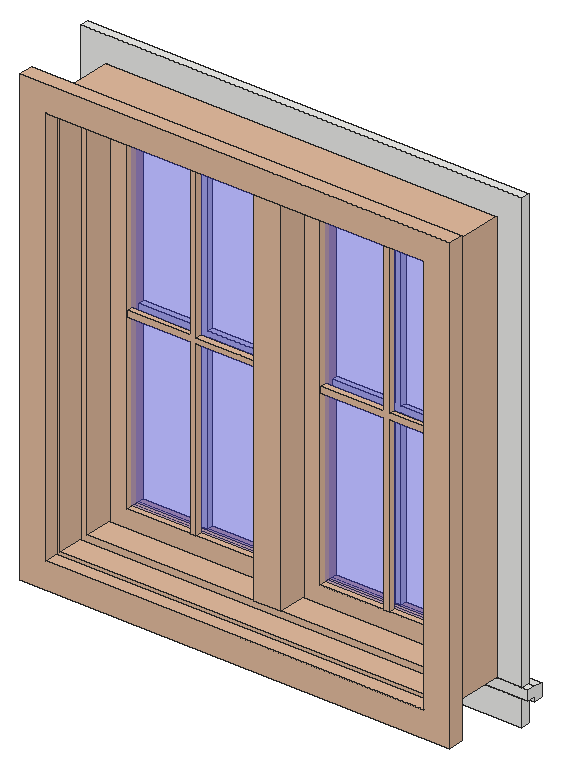
Revit family "f6413e6575b74bb48dc037bbd85fb68f", category Windows, host Wall, Revit 2021
Family settings
  Host = Wall
  OmniClass Number = 23.30.20.17.21.14
  OmniClass Title = Casement Windows
  Always vertical = Yes
  Cut with Voids When Loaded = No
  Shared = No
  Room Calculation Point = No
Parameters (values of type "34" x 36"")
  Frame Extension [instance] = if(Exterior Trim Visibility, Window Inset + 0' 0 1/4", 0' 0 1/4")  # 0' - 0 1/4"
  Window Inset [instance] = 0' - 0"
  Wall Thickness [instance] = 0' - 6"
  Interior Wall Closure [instance] = 0' - 2 1/4"
  Interior Trim Material = Wood - Stained
  Half Width = Width / 2  # 1' - 5"
  Visual Light Transmittance = 0.81
  Thermal Resistance (R) = 1.8146 (h·ft²·°F)/BTU
  Solar Heat Gain Coefficient = 0.76
  Rough Width = Width + 0' 0 1/2"  # 2' - 10 1/2"
  Rough Height = Height + 0' 0 1/2"  # 3' - 0 1/2"
  Muntin Visibility = yes
  Muntin Pattern = Muntin Pattern_2x2 : Muntin Pattern_2x2
  Interior Trim Visibility [instance] = yes
  Interior Trim = Trim-Window-Interior-Flat : Picture Frame
  Height = 3' - 0"
  Interior Frame Material = Wood - Stained
  Heat Transfer Coefficient (U) = 0.5511 BTU/(h·ft²·°F)
  Glass Panel Material = Glass
  Fire Rating = "0.5h"
  Exterior Wall Closure [instance] = 0' - 1 1/4"
  Exterior Trim Visibility [instance] = yes
  Exterior Trim Material = Clad - White
  Exterior Trim = Trim-Window-Exterior-Flat : with Sill
  Exterior Frame Material = Clad - White
  Extension Jamb Visibility [instance] = and(Interior Trim Visibility, Wall Thickness - Window Inset > 0' 3 3/4")  # yes
  Extension Jamb [instance] = if(Wall Thickness - Window Inset > 0' 3 3/4", Wall Thickness - Window Inset - 0' 3 3/4", 0' 1")  # 0' - 2 1/4"
  Default Sill Height = 3' - 0"
  Wall Closure = By host
  Width = 2' - 10"
  Assembly Code = "B2020100"
  Analytic Construction = "Double glazing - domestic"
Reference planes (in)
  plane 1 "Center (Front/Back)": y = 0
  plane 2: z = 0
  plane 3 "Center (Left/Right)": x = 0
  plane 4 "Left": x = -17
  plane 5 "Right": x = 17
  plane 6 "Sill": z = 36
  plane 7 "Top": z = 72
  plane 8 "Inset Face": y = 3
  plane 9 "Wall Closure": y = -0.75
  plane 10 "Sash Face": y = 3.5
  plane 11 "Exterior": y = 3
  plane 12: x = 16.5
  plane 13: x = -16.5
  plane 14: z = 71.5
  plane 15: z = 36.5
  plane 16: x = 14.25
  plane 17: x = -14.25
  plane 18: z = 69.25
  plane 19: z = 38.75
  plane 20: x = 0.375
  plane 21: x = -0.375
  plane 22: y = 2.25
  plane 23 "Glass": y = 2.625
  plane 24 "Middle": z = 54
  plane 25: y = 3.75
  plane 26: y = 3.75
  plane 27 "Interior": y = -3
  plane 28 "Jamb": y = -0.75
  plane 29: x = -1.1875
  plane 30: x = 1.1875
  plane 31: x = 2.625
  plane 32: x = -2.625
  plane 33: y = -0.75
  plane 34: y = 1.75
  plane 35: y = 3.75
Forms (in)
  Sweep 1, solid, material "Wood - Stained" <- "Interior Frame Material"
    path origin (0, 3.5, 0) x (-1, 0, 0) y (0, 0, 1)
      loop
        line (-17, 36) -> (17, 36) -> (17, 72) -> (-17, 72) -> (-17, 36)
    profile origin (17, 3.5, 54) x (1, 0, 0) y (0, 1, 0)
      loop
        line (0, 0.25) -> (-0.5, 0.25) -> (-0.5, -1.75) -> (-1.25, -1.75) -> (-1.25, -4.25) -> (0, -4.25) -> (0, 0.25)
  Extrusion 2, solid, material "Wood - Stained" <- "Interior Frame Material", visible <- "Extension Jamb Visibility"
    sketch origin (0, 0, 0) x (1, 0, 0) y (0, 0, 1)
      loop
        line (17, 72) -> (-17, 72) -> (-17, 36) -> (17, 36) -> (17, 72)
      loop
        line (16.25, 36.75) -> (16.25, 71.25) -> (-16.25, 71.25) -> (-16.25, 36.75) -> (16.25, 36.75)
    from 0.75 to 3
  Sweep 3, solid, material "Wood - Stained" <- "Interior Frame Material"
    path origin (0, 3.5, 0) x (-1, 0, 0) y (0, 0, 1)
      loop
        line (-16.5, 71.5) -> (-16.5, 36.5) -> (-0.375, 36.5) -> (-0.375, 71.5) -> (-16.5, 71.5)
    profile origin (16.5, 3.5, 54) x (0, 1, 0) y (-1, 0, 0)
      loop
        line (0, 0) -> (0, 2.25) -> (-1.75, 2.25) -> (-1.75, 0) -> (0, 0)
  Sweep 4, solid, material "Wood - Stained" <- "Interior Frame Material"
    path origin (0, 3.5, 0) x (-1, 0, 0) y (0, 0, 1)
      loop
        line (0.375, 36.5) -> (16.5, 36.5) -> (16.5, 71.5) -> (0.375, 71.5) -> (0.375, 36.5)
    profile origin (-0.375, 3.5, 54) x (1, 0, 0) y (0, 1, 0)
      loop
        line (0, 0) -> (-2.25, 0) -> (-2.25, -1.75) -> (0, -1.75) -> (0, 0)
  Extrusion 5, solid, material "Glass"
    sketch origin (0, 0, 36) x (0, -1, 0) y (1, 0, 0)
      loop
        line (-3, 2.625) -> (-2.75, 2.625) -> (-2.75, 14.25) -> (-3, 14.25) -> (-3, 2.625)
      loop
        line (-2.25, 14.25) -> (-2.5, 14.25) -> (-2.5, 2.625) -> (-2.25, 2.625) -> (-2.25, 14.25)
    from 2.75 to 33.25
  Extrusion 6, solid, material "Glass"
    sketch origin (-27.625, 0, 36) x (0, -1, 0) y (1, 0, 0)
      loop
        line (-3, 13.375) -> (-2.75, 13.375) -> (-2.75, 25) -> (-3, 25) -> (-3, 13.375)
      loop
        line (-2.25, 25) -> (-2.5, 25) -> (-2.5, 13.375) -> (-2.25, 13.375) -> (-2.25, 25)
    from 2.75 to 33.25
  Extrusion 7, solid, material "Wood - Stained" <- "Interior Frame Material"
    sketch origin (0, 0, 36) x (0, -1, 0) y (1, 0, 0)
      loop
        line (-3.75, -0.375) -> (-1.75, -0.375) -> (-1.75, -1.1875) -> (0.75, -1.1875) -> (0.75, 1.1875) -> (-1.75, 1.1875) -> (-1.75, 0.375) -> (-3.75, 0.375) -> (-3.75, -0.375)
    from 0.5 to 35.5
  Extrusion 8, void
    sketch origin (0, 0, 0) x (1, 0, 0) y (0, 0, 1)
      loop
        line (1.1875, 37.25) -> (-1.1875, 37.25) -> (-1.1875, 36.5) -> (1.1875, 36.5) -> (1.1875, 37.25)
      loop
        line (1.1875, 70.75) -> (1.1875, 71.5) -> (-1.1875, 71.5) -> (-1.1875, 70.75) -> (1.1875, 70.75)
    from -1.75 to 0.75
Cuts and joins
  Extrusion 8 cuts Extrusion 7
Lines and regions (in)
  Opening 1
    outline origin (-60, -3, 0) x (1, 0, 0) y (0, 0, 1)
      loop
        line (43, 72) -> (43, 36) -> (77, 36) -> (77, 72) -> (43, 72)
  Split face 1
    outline origin (14.25, 3.5, 38.75) x (-1, 0, 0) y (0, -1, 0)
      loop
        line (11.625, 0.5) -> (0, 0.5)
  Split face 2
    outline origin (14.25, 3.5, 69.25) x (0, 0, -1) y (0, -1, 0)
      loop
        line (0, 0.5) -> (30.5, 0.5)
  Split face 3
    outline origin (2.625, 3.5, 38.75) x (0, 0, 1) y (0, -1, 0)
      loop
        line (30.5, 0.5) -> (0, 0.5)
  Split face 4
    outline origin (2.625, 3.5, 69.25) x (0, -1, 0) y (1, 0, 0)
      loop
        line (0.5, 0) -> (0.5, 11.625)
  Split face 5
    outline origin (-14.25, 1.75, 38.75) x (1, 0, 0) y (0, 1, 0)
      loop
        line (0, 1.25) -> (11.625, 1.25)
  Split face 6
    outline origin (-2.625, 1.75, 38.75) x (0, 0, 1) y (0, 1, 0)
      loop
        line (30.5, 1.25) -> (0, 1.25)
  Split face 7
    outline origin (-14.25, 1.75, 69.25) x (0, 0, -1) y (0, 1, 0)
      loop
        line (30.5, 1.25) -> (0, 1.25)
  Split face 8
    outline origin (-2.625, 1.75, 69.25) x (0, 1, 0) y (-1, 0, 0)
      loop
        line (1.25, 11.625) -> (1.25, 0)
  symbolic lines, style "Elevation Swing"
    curve 1: line (0.375, 0, 71.5) -> (16.5, 0, 54)
    curve 2: line (16.5, 0, 54) -> (0.375, 0, 36.5)
    curve 3: line (-0.375, 0, 71.5) -> (-16.5, 0, 54)
    curve 4: line (-16.5, 0, 54) -> (-0.375, 0, 36.5)
Text (in)
  text "EXTERIOR" at (-58.6888, 50.90694, 0), in view "Ref. Level"
  text "INTERIOR" at (-58.6888, -37.76638, 0), in view "Ref. Level"
  text "Exterior" at (0, 43.65631, 123.19604), in view "Left"
  text "Exterior" at (0, 18.29385, 125.04747), in view "Right"
Dimensions and locks (in)
  equal spacing: plane 4 "Left", plane 3 "Center (Left/Right)", plane 5 "Right"
  "Width": plane 4 "Left" to plane 5 "Right"
  "Height": plane 6 "Sill" to plane 7 "Top"
  "Default Sill Height": plane 2 to plane 6 "Sill"
  locked: plane 10 "Sash Face" to plane 8 "Inset Face" at 0.5
  "Wall Thickness": host wall to host wall
  "Window Inset": plane 11 "Exterior" to plane 8 "Inset Face"
  locked: Sweep 1 sketch curve to plane 5 "Right" at 1.25
  locked: Sweep 1 sketch curve to plane 5 "Right" at 0.5
  locked: plane 10 "Sash Face" to Sweep 1 sketch curve at 1.75
  locked: plane 12 to plane 5 "Right" at 0.5
  locked: plane 4 "Left" to plane 13 at 0.5
  locked: plane 14 to plane 7 "Top" at 0.5
  locked: plane 6 "Sill" to plane 15 at 0.5
  locked: plane 16 to plane 12 at 2.25
  locked: plane 13 to plane 17 at 2.25
  locked: plane 18 to plane 14 at 2.25
  locked: plane 15 to plane 19 at 2.25
  locked: Extrusion 2 sketch curve to plane 7 "Top" at 0.75
  locked: Extrusion 2 sketch curve to plane 5 "Right" at 0.75
  locked: Extrusion 2 sketch curve to plane 4 "Left" at 0.75
  locked: plane 6 "Sill" to Extrusion 2 sketch curve at 0.75
  equal spacing: plane 21, plane 3 "Center (Left/Right)", plane 20
  locked: plane 21 to plane 20 at 0.75
  plane 22 to Sweep 3 = 0' - 0 1/2"
  equal spacing: plane 8 "Inset Face", plane 23 "Glass", plane 22
  locked: plane 8 "Inset Face" to plane 22 at 0.75
  equal spacing: plane 6 "Sill", plane 24 "Middle", plane 7 "Top"
  locked: plane 25 to plane 11 "Exterior" at 0.75
  locked: plane 26 to plane 10 "Sash Face" at 0.25
  "Extension Jamb": plane 28 "Jamb" to plane 27 "Interior"
  locked: plane 8 "Inset Face" to plane 9 "Wall Closure" at 3.75
  equal spacing: plane 29, plane 3 "Center (Left/Right)", plane 30
  locked: plane 29 to plane 30 at 2.375
  Extrusion 2 to Extrusion 8 = 2' - 11 1/2"
  locked: plane 30 to plane 31 at 1.4375
  locked: plane 29 to plane 32 at 1.4375
  "Interior Wall Closure": plane 33 to plane 27 "Interior"
  "Exterior Wall Closure": plane 11 "Exterior" to plane 34
  "Frame Extension": plane 35 to plane 10 "Sash Face"
  aligned and locked: plane 7 "Top" to Opening 1 sketch curve
  aligned and locked: plane 6 "Sill" to Opening 1 sketch curve  (x2)
  aligned and locked: plane 5 "Right" to Opening 1 sketch curve
  aligned and locked: plane 4 "Left" to Opening 1 sketch curve
  aligned and locked: level to plane 2
  aligned and locked: host wall to plane 11 "Exterior"
  aligned and locked: plane 5 "Right" to Sweep 1 sketch curve
  aligned and locked: plane 7 "Top" to Sweep 1 sketch curve
  aligned and locked: Sweep 1 sketch curve to plane 4 "Left"
  aligned and locked: Sweep 1 sketch curve to plane 6 "Sill"
  aligned and locked: Extrusion 2 sketch curve to host wall  (x3)
  aligned and locked: plane 7 "Top" to Extrusion 2 sketch curve
  aligned and locked: host wall to Extrusion 2
  aligned and locked: Sweep 3 sketch curve to plane 12
  aligned and locked: plane 14 to Sweep 3 sketch curve
  aligned and locked: Sweep 3 sketch curve to plane 15
  aligned and locked: plane 16 to Sweep 3 sketch curve
  aligned and locked: plane 10 "Sash Face" to Sweep 3 sketch curve
  aligned and locked: plane 20 to Sweep 3 sketch curve
  aligned and locked: plane 21 to Sweep 4 sketch curve
  aligned and locked: plane 15 to Sweep 4 sketch curve
  aligned and locked: Sweep 4 sketch curve to plane 13
  aligned and locked: Sweep 4 sketch curve to plane 14
  aligned and locked: Split face 1 sketch curve to plane 8 "Inset Face"
  aligned and locked: plane 8 "Inset Face" to Split face 2 sketch curve
  aligned and locked: plane 8 "Inset Face" to Split face 3 sketch curve
  aligned and locked: Split face 4 sketch curve to plane 8 "Inset Face"
  aligned and locked: Extrusion 5 sketch curve to plane 8 "Inset Face"
  aligned and locked: plane 16 to Extrusion 5 sketch curve
  aligned and locked: Sweep 3 to Extrusion 5 sketch curve
  aligned and locked: Extrusion 5 sketch curve to plane 22
  aligned and locked: Extrusion 5 sketch curve to plane 16
  aligned and locked: Extrusion 5 sketch curve to Sweep 3
  aligned and locked: plane 18 to Extrusion 5
  aligned and locked: Extrusion 5 to plane 19
  aligned and locked: Extrusion 6 sketch curve to plane 8 "Inset Face"
  aligned and locked: plane 22 to Extrusion 6 sketch curve
  aligned and locked: Sweep 4 to Extrusion 6 sketch curve  (x2)
  aligned and locked: Extrusion 6 sketch curve to plane 17  (x2)
  aligned and locked: plane 19 to nested 1
  aligned and locked: nested 1 to plane 23 "Glass"
  aligned and locked: plane 23 "Glass" to nested 2
  aligned and locked: nested 2 to plane 19
  aligned and locked: plane 24 "Middle" to curve 2
  aligned and locked: plane 24 "Middle" to curve 4
  aligned and locked: plane 14 to curve 1
  aligned and locked: plane 14 to curve 3
  aligned and locked: plane 15 to curve 2
  aligned and locked: plane 15 to curve 4
  aligned and locked: plane 18 to Extrusion 6
  aligned and locked: Split face 5 sketch curve to Extrusion 6
  aligned and locked: plane 8 "Inset Face" to Split face 6 sketch curve
  aligned and locked: Split face 7 sketch curve to plane 8 "Inset Face"
  aligned and locked: Split face 8 sketch curve to plane 8 "Inset Face"
  aligned and locked: plane 27 "Interior" to host wall
  aligned and locked: plane 28 "Jamb" to Extrusion 2
  aligned and locked: plane 9 "Wall Closure" to Sweep 1
  aligned and locked: Extrusion 7 sketch curve to plane 26
  aligned and locked: Extrusion 7 to Sweep 1
  aligned and locked: Sweep 1 to Extrusion 8 sketch curve
  aligned and locked: plane 30 to Extrusion 8 sketch curve
  aligned and locked: Extrusion 8 sketch curve to Extrusion 7
  aligned and locked: Extrusion 7 to Extrusion 8 sketch curve
  aligned and locked: Extrusion 8 to Sweep 1
  aligned and locked: Sweep 1 to Extrusion 8
  aligned and locked: plane 9 "Wall Closure" to Extrusion 7 sketch curve
  aligned and locked: plane 14 to cut or joined group of Extrusion 7, Extrusion 8
  aligned and locked: nested 3 to plane 11 "Exterior"
  aligned and locked: plane 27 "Interior" to nested 3
  aligned and locked: nested 3 to plane 4 "Left"
  aligned and locked: plane 3 "Center (Left/Right)" to nested 4
  aligned and locked: nested 4 to plane 11 "Exterior"
  aligned and locked: nested 3 to plane 7 "Top"
  aligned and locked: nested 4 to plane 7 "Top"
  aligned and locked: nested 2 to plane 16
  aligned and locked: nested 1 to plane 17
  aligned and locked: plane 18 to nested 1
  aligned and locked: nested 2 to plane 18
  aligned and locked: nested 2 to plane 31
  aligned and locked: nested 1 to plane 32
  aligned and locked: plane 7 "Top" to nested 6
  aligned and locked: plane 3 "Center (Left/Right)" to nested 6
  aligned and locked: plane 7 "Top" to nested 5
  aligned and locked: nested 5 to plane 3 "Center (Left/Right)"
  aligned and locked: plane 35 to Sweep 1 sketch curve
Automatic sketch dimensions
  Sweep 3 sketch curve to profile plane = 0' - 0"
  Sweep 3 sketch curve to plane 10 "Sash Face" = 0' - 1 3/4"
  Sweep 4 sketch curve to plane 10 "Sash Face" = 0' - 0"
  Sweep 4 sketch curve to profile plane = 0' - 0"
  profile plane to Sweep 4 sketch curve = 0' - 2 1/4"
  Sweep 4 sketch curve to plane 10 "Sash Face" = 0' - 1 3/4"
  Split face 1 sketch curve to Sweep 3 = 0' - 0"  (x2)
  Sweep 3 to Split face 2 sketch curve = 0' - 0"
  Split face 2 sketch curve to Sweep 3 = 0' - 0"
  Split face 3 sketch curve to Sweep 3 = 0' - 0"
  Sweep 3 to Split face 3 sketch curve = 0' - 0"
  Split face 4 sketch curve to Sweep 3 = 0' - 0"  (x2)
  plane 23 "Glass" to Extrusion 5 sketch curve = 0' - 0 1/8"
  Extrusion 5 sketch curve to plane 23 "Glass" = 0' - 0 1/8"
  plane 23 "Glass" to Extrusion 6 sketch curve = 0' - 0 1/8"
  Extrusion 6 sketch curve to plane 23 "Glass" = 0' - 0 1/8"
  plane 13 to curve 4 = 0' - 0"
  plane 21 to curve 3 = 0' - 0"
  plane 21 to curve 4 = 0' - 0"
  plane 20 to curve 2 = 0' - 0"
  plane 20 to curve 1 = 0' - 0"
  plane 12 to curve 2 = 0' - 0"
  Split face 5 sketch curve to Sweep 4 = 0' - 0"  (x2)
  Split face 6 sketch curve to Sweep 4 = 0' - 0"
  Sweep 4 to Split face 6 sketch curve = 0' - 0"
  Sweep 4 to Split face 7 sketch curve = 0' - 0"
  Split face 7 sketch curve to Sweep 4 = 0' - 0"
  Split face 8 sketch curve to Sweep 4 = 0' - 0"  (x2)
  Extrusion 7 sketch curve to plane 29 = 0' - 0"
  Extrusion 7 sketch curve to plane 21 = 0' - 0"
  Extrusion 7 sketch curve to plane 20 = 0' - 0"
  Extrusion 7 sketch curve to plane 30 = 0' - 0"
  Extrusion 7 sketch curve to plane 22 = 0' - 0 1/2"  (x2)
  Extrusion 8 sketch curve to plane 14 = 0' - 0"
  Extrusion 8 sketch curve to plane 29 = 0' - 0"
  Extrusion 8 sketch curve to plane 30 = 0' - 0"
  Extrusion 8 sketch curve to plane 14 = 0' - 0 3/4"
  Sweep 1 sketch curve to profile plane = 0' - 0"
  Sweep 1 sketch curve to Sweep 1 sketch curve = 0' - 2 1/2"
Nested families (in)
  nested 1: "Muntin Pattern_2x2" at (-8.4375, 2.625, 38.75), type <- "Muntin Pattern", Exterior Material <- "Exterior Frame Material", Interior Material <- "Interior Frame Material", visible <- "Muntin Visibility", type "Muntin Pattern_2x2"
    with Width 0' - 11 5/8", Interior Material Wood - Stained, Height 2' - 6 1/2", Exterior Material Clad - White
  nested 2: "Muntin Pattern_2x2" at (8.4375, 2.625, 38.75) x (-1, 0, 0) z (0, 0, 1), type <- "Muntin Pattern", Exterior Material <- "Exterior Frame Material", Interior Material <- "Interior Frame Material", visible <- "Muntin Visibility", type "Muntin Pattern_2x2"
    with Width 0' - 11 5/8", Interior Material Wood - Stained, Height 2' - 6 1/2", Exterior Material Clad - White
  nested 3: "Plan-Casement" at (-8.5, 3, 36), Width <- "Half Width", Height <- "Height", Window Inset <- "Window Inset", Wall Thickness <- "Wall Thickness", type "Plan-Casement"
    with Window Inset of 3D 0' - 0", Window Inset 0' - 0", Width 1' - 5", Wall Thickness 0' - 6", Top Line yes, Right Line no, RH no, Left Line yes, LH yes, Height 3' - 0", Bottom Line yes
  nested 4: "Plan-Casement" at (8.5, 3, 36), Width <- "Half Width", Height <- "Height", Wall Thickness <- "Wall Thickness", Window Inset <- "Window Inset", type "Plan-Casement"
    with Window Inset of 3D 0' - 0", Window Inset 0' - 0", Width 1' - 5", Wall Thickness 0' - 6", Top Line yes, Right Line yes, RH yes, Left Line no, LH no, Height 3' - 0", Bottom Line yes
  nested 5: "Trim-Window-Exterior-Flat" at (0, 3, 72) x (-1, 0, 0) z (0, 1, 0), visible <- "Exterior Trim Visibility", Trim Material <- "Exterior Trim Material", Opening Width <- "Width", Opening Height <- "Height", type <- "Exterior Trim", type "with Sill"
    with Trim Material Clad - White, Opening Width 2' - 10", Opening Height 3' - 0"
  nested 6: "Trim-Window-Interior-Flat" at (0, -3, 72) x (1, 0, 0) z (0, -1, 0), visible <- "Interior Trim Visibility", Trim Material <- "Interior Trim Material", Opening Width <- "Width", Opening Height <- "Height", type <- "Interior Trim", type "Picture Frame"
    with Trim Material Wood - Stained, Opening Width 2' - 10", Opening Height 3' - 0"
Definition of nested family "Muntin Pattern_2x2"
  Parameters (values of type "Muntin Pattern_2x2")
    Width [instance] = 4' - 0"
    Thickness = 0' - 0 1/2"
    Height [instance] = 4' - 0"
    Interior Material [instance] = none
    Exterior Material [instance] = none
    Distance = 0' - 0 3/4"
    Default Elevation = 0' - 0"
  Reference planes (in)
    plane 1 "Center (Front/Back)": y = 0
    plane 2: z = 0
    plane 3 "Center (Left/Right)": x = 0
    plane 4: z = 48
    plane 5: x = -24
    plane 6: x = 24
    plane 7: z = 24
    plane 8: y = 0.375
    plane 9: y = 0.875
    plane 10: y = -0.375
    plane 11: y = -0.875
  Forms (in)
    Extrusion 1, solid, material <- "Interior Material", detail levels fine
      sketch origin (0, 0, 0) x (1, 0, 0) y (0, 0, 1)
        loop
          line (-24, 24.25) -> (-24, 23.75) -> (-0.25, 23.75) -> (-0.25, 0) -> (0.25, 0) -> (0.25, 23.75) -> (24, 23.75) -> (24, 24.25) -> (0.25, 24.25) -> (0.25, 48) -> (-0.25, 48) -> (-0.25, 24.25) -> (-24, 24.25)
      from 0.375 to 0.875
    Extrusion 2, solid, material <- "Exterior Material", detail levels fine
      sketch origin (0, 0, 0) x (1, 0, 0) y (0, 0, -1)
        loop
          line (-24, -24.25) -> (-0.25, -24.25) -> (-0.25, -48) -> (0.25, -48) -> (0.25, -24.25) -> (24, -24.25) -> (24, -23.75) -> (0.25, -23.75) -> (0.25, 0) -> (-0.25, 0) -> (-0.25, -23.75) -> (-24, -23.75) -> (-24, -24.25)
      from 0.375 to 0.875
  Lines and regions (in)
    model lines, detail levels medium
      curve 1: line (0, 0.375, 48) -> (0, 0.375, 0)
      curve 2: line (-24, -0.375, 24) -> (24, -0.375, 24)
      curve 3: line (-24, 0.375, 24) -> (24, 0.375, 24)
      curve 4: line (0, -0.375, 48) -> (0, -0.375, 0)
  Dimensions and locks (in)
    equal spacing: plane 6, plane 3 "Center (Left/Right)", plane 5
    "Width": plane 6 to plane 5
    "Height": plane 4 to plane 2
    equal spacing: plane 4, plane 7, plane 2
    locked: plane 3 "Center (Left/Right)" to Extrusion 1 sketch curve at 0.25  (x4)
    locked: Extrusion 1 sketch curve to plane 7 at 0.25  (x2)
    locked: plane 7 to Extrusion 1 sketch curve at 0.25  (x2)
    "Thickness": plane 9 to plane 8
    "Thickness": plane 10 to plane 11
    "Distance": plane 8 to plane 10
    equal spacing: plane 8, plane 1 "Center (Front/Back)", plane 10
    aligned and locked: plane 2 to level
    aligned and locked: plane 4 to curve 1
    aligned and locked: plane 5 to curve 2
    aligned and locked: plane 2 to curve 1
    aligned and locked: plane 6 to curve 2
    aligned and locked: Extrusion 1 sketch curve to plane 4
    aligned and locked: Extrusion 1 sketch curve to plane 6
    aligned and locked: Extrusion 1 sketch curve to plane 5
    aligned and locked: Extrusion 1 sketch curve to level
    aligned and locked: Extrusion 1 to plane 11
    aligned and locked: plane 10 to Extrusion 1
    aligned and locked: Extrusion 2 to plane 5
    aligned and locked: plane 6 to Extrusion 2
    aligned and locked: Extrusion 2 to plane 8
    aligned and locked: plane 9 to Extrusion 2
    aligned and locked: Extrusion 2 to plane 2
    aligned and locked: plane 4 to Extrusion 2
    aligned and locked: plane 5 to curve 3
    aligned and locked: plane 6 to curve 3
    aligned and locked: plane 4 to curve 4
    aligned and locked: plane 2 to curve 4
    aligned and locked: plane 8 to curve 3
  Automatic sketch dimensions
    curve 2 to plane 7 = 0' - 0"
    Extrusion 2 sketch curve to plane 5 = 0' - 0"
    Extrusion 2 sketch curve to level = 0' - 0"
    Extrusion 2 sketch curve to plane 4 = 0' - 0"
    Extrusion 2 sketch curve to plane 6 = 0' - 0"
    Extrusion 2 sketch curve to plane 3 "Center (Left/Right)" = 0' - 0 1/4"  (x2)
    plane 3 "Center (Left/Right)" to Extrusion 2 sketch curve = 0' - 0 1/4"  (x2)
    plane 7 to Extrusion 2 sketch curve = 0' - 0 1/4"  (x2)
    Extrusion 2 sketch curve to plane 7 = 0' - 0 1/4"  (x2)
    curve 4 to plane 3 "Center (Left/Right)" = 0' - 0"
    curve 4 to level = 0' - 0"
    curve 4 to plane 4 = 0' - 0"
    curve 3 to plane 6 = 0' - 0"
    curve 1 to plane 3 "Center (Left/Right)" = 0' - 0"
    curve 3 to plane 5 = 0' - 0"
    curve 3 to plane 7 = 0' - 0"
Definition of nested family "Trim-Window-Exterior-Flat"
  Parameters (values of type "with Sill")
    Trim Width = 0' - 2 1/4"
    Trim Thickness_Picture Frame = 0' - 1 1/4"
    Trim Thickness_with Sill = 0' - 0 3/4"
    Trim Material [instance] = none
    Sill Thickness = 0' - 1 1/4"
    Sill = yes
    Picture Frame = no
    Opening Width [instance] = 2' - 0"
    Opening Height [instance] = 3' - 0"
    Default Elevation = 4' - 0"
  Types (2): name | Sill | Picture Frame
    with Sill | yes | no
    Picture Frame | no | yes
  Reference planes (in)
    plane 1 "Center (Front/Back)": y = 0
    plane 2: z = 0
    plane 3 "Center (Left/Right)": x = 0
    plane 4: y = 2.25
    plane 5 "Left": x = -12
    plane 6 "Right": x = 12
    plane 7 "Bottom": y = -36
    plane 8: y = -37.25
    plane 9: y = -39.12332
    plane 10: x = 14.25
    plane 11: x = -14.25
    plane 12: z = 0.75
    plane 13: z = 1.25
    plane 14: x = 14.75
    plane 15: x = -14.75
    plane 16: y = -36.87332
    plane 17: y = -38.25
    plane 18: z = 0.5
    plane 19: y = -18
    plane 20: z = 1.5
  Forms (in)
    Extrusion 1, solid
      sketch origin (0, 0, 0) x (1, 0, 0) y (0, 1, 0)
        loop
          line (-14.25, 2.25) -> (-14.25, -39.12332) -> (14.25, -39.12332) -> (14.25, 2.25) -> (-14.25, 2.25)
      from 0 to -12
    Extrusion 2, solid, material <- "Trim Material", visible <- "Sill"
      sketch origin (0, 0, 0) x (1, 0, 0) y (0, 1, 0)
        loop
          line (-14.25, -36) -> (-12, -36) -> (-12, 0) -> (12, 0) -> (12, -36) -> (14.25, -36) -> (14.25, 2.25) -> (-14.25, 2.25) -> (-14.25, -36)
      from 0 to 0.75
    Extrusion 3, solid, material <- "Trim Material", visible <- "Sill"
      sketch origin (0, 0, 0) x (0, 1, 0) y (0, 0, 1)
        loop
          line (-36.09677, 1.5) -> (-37.25, 1.5) -> (-37.25, 0.75) -> (-36.87332, 0.75) -> (-36.87332, 0) -> (-36, 0) -> (-36, 0.75) -> (-36.09677, 1.5)
      from -14.75 to 14.75
    Extrusion 4, solid, material <- "Trim Material", visible <- "Sill"
      sketch origin (0, 0, 0) x (1, 0, 0) y (0, 1, 0)
        loop
          line (-14.25, -36.87332) -> (-14.25, -39.12332) -> (14.25, -39.12332) -> (14.25, -36.87332) -> (-14.25, -36.87332)
      from 0 to 0.75
    Extrusion 5, solid, material <- "Trim Material", visible <- "Picture Frame"
      sketch origin (0, 0, 0) x (1, 0, 0) y (0, 1, 0)
        loop
          line (-12, 0) -> (-12, -36) -> (12, -36) -> (12, 0) -> (-12, 0)
        loop
          line (-14.25, 2.25) -> (-14.25, -38.25) -> (14.25, -38.25) -> (14.25, 2.25) -> (-14.25, 2.25)
      from 0 to 1.25
  Dimensions and locks (in)
    equal spacing: plane 5 "Left", plane 3 "Center (Left/Right)", plane 6 "Right"
    "Opening Width": plane 5 "Left" to plane 6 "Right"
    "Opening Height": plane 7 "Bottom" to plane 1 "Center (Front/Back)"
    "Sill Thickness": plane 7 "Bottom" to plane 8
    "Trim Width": plane 11 to plane 5 "Left"
    "Trim Width": plane 6 "Right" to plane 10
    "Trim Width": plane 1 "Center (Front/Back)" to plane 4
    locked: plane 15 to plane 11 at 0.5
    locked: plane 10 to plane 14 at 0.5
    locked: plane 16 to plane 8 at 0.37668
    "Trim Width": plane 9 to plane 16
    "Trim Width": plane 17 to plane 7 "Bottom"
    locked: plane 18 to plane 2 at 0.5
    equal spacing: plane 7 "Bottom", plane 19, plane 1 "Center (Front/Back)"
    locked: plane 20 to plane 12 at 0.75
    "Trim Thickness_with Sill": plane 12 to plane 2
    "Trim Thickness_Picture Frame": plane 13 to plane 2
    aligned and locked: plane 2 to Extrusion 1
    aligned and locked: level to Extrusion 1
    aligned and locked: Extrusion 2 sketch curve to plane 5 "Left"
    aligned and locked: Extrusion 2 sketch curve to plane 11
    aligned and locked: plane 7 "Bottom" to Extrusion 2 sketch curve  (x2)
    aligned and locked: plane 1 "Center (Front/Back)" to Extrusion 2 sketch curve
    aligned and locked: plane 10 to Extrusion 2 sketch curve
    aligned and locked: Extrusion 2 sketch curve to plane 6 "Right"
    aligned and locked: plane 12 to Extrusion 2
    aligned and locked: Extrusion 3 sketch curve to level
    aligned and locked: plane 7 "Bottom" to Extrusion 3 sketch curve
    aligned and locked: Extrusion 3 sketch curve to plane 8
    aligned and locked: plane 15 to Extrusion 3
    aligned and locked: Extrusion 3 to plane 14
    aligned and locked: plane 10 to Extrusion 4 sketch curve
    aligned and locked: Extrusion 4 sketch curve to plane 11
    aligned and locked: plane 16 to Extrusion 4 sketch curve
    aligned and locked: plane 9 to Extrusion 4 sketch curve
    aligned and locked: Extrusion 4 to Extrusion 2
    aligned and locked: Extrusion 2 sketch curve to plane 4
    aligned and locked: plane 1 "Center (Front/Back)" to Extrusion 5 sketch curve
    aligned and locked: Extrusion 5 sketch curve to plane 4
    aligned and locked: Extrusion 5 sketch curve to plane 17
    aligned and locked: plane 7 "Bottom" to Extrusion 5 sketch curve
    aligned and locked: Extrusion 5 sketch curve to plane 6 "Right"
    aligned and locked: plane 10 to Extrusion 5 sketch curve
    aligned and locked: Extrusion 5 sketch curve to plane 5 "Left"
    aligned and locked: Extrusion 5 sketch curve to plane 11
    aligned and locked: plane 13 to Extrusion 5
    aligned and locked: plane 20 to Extrusion 3
  Automatic sketch dimensions
    Extrusion 1 sketch curve to Extrusion 1 sketch curve = 2' - 4 1/2"
    Extrusion 1 sketch curve to Extrusion 1 sketch curve = 3' - 5.37332"
    Extrusion 3 sketch curve to plane 16 = 0' - 0"
    Extrusion 3 sketch curve to plane 12 = 0' - 0"  (x2)
    Extrusion 3 sketch curve to plane 7 "Bottom" = 0' - 0.09677"
    plane 13 to Extrusion 3 sketch curve = 0' - 0 1/4"
Definition of nested family "Trim-Window-Interior-Flat"
  Parameters (values of type "with Sill")
    Trim Thickness_Picture Frame = 0' - 1 1/4"
    Trim Width = 0' - 2 1/4"
    Trim Thickness_with Sill = 0' - 0 3/4"
    Trim Material [instance] = none
    Sill Thickness = 0' - 1 1/4"
    Sill = yes
    Picture Frame = no
    Opening Width [instance] = 2' - 0"
    Opening Height [instance] = 3' - 0"
    Default Elevation = 4' - 0"
  Types (2): name | Sill | Picture Frame
    with Sill | yes | no
    Picture Frame | no | yes
  Reference planes (in)
    plane 1 "Center (Front/Back)": y = 0
    plane 2: z = 0
    plane 3 "Center (Left/Right)": x = 0
    plane 4: y = 1.75
    plane 5 "Left": x = -12
    plane 6 "Right": x = 12
    plane 7 "Bottom": y = -36
    plane 8: y = -37.25
    plane 9: y = -39.12332
    plane 10: x = 13.75
    plane 11: x = -13.75
    plane 12: z = 0.75
    plane 13: z = 1.25
    plane 14: x = 14.25
    plane 15: x = -14.25
    plane 16: y = -36.87332
    plane 17: y = -37.75
    plane 18: z = 0.5
    plane 19: x = -11.5
    plane 20: y = -0.5
    plane 21: x = 11.5
    plane 22: y = -35.5
    plane 23: x = -13.25
    plane 24: x = 13.25
    plane 25: y = -18
  Forms (in)
    Extrusion 1, solid
      sketch origin (0, 0, 0) x (1, 0, 0) y (0, 1, 0)
        loop
          line (-13.75, 1.75) -> (-13.75, -37.75) -> (13.75, -37.75) -> (13.75, 1.75) -> (-13.75, 1.75)
      from 0 to -12
    Extrusion 2, solid, material <- "Trim Material", visible <- "Sill"
      sketch origin (0, 0, 0) x (1, 0, 0) y (0, 1, 0)
        loop
          line (-13.25, -36) -> (-11.5, -36) -> (-11.5, 0) -> (11.5, 0) -> (11.5, -36) -> (13.25, -36) -> (13.25, 1.75) -> (-13.25, 1.75) -> (-13.25, -36)
      from 0 to 0.75
    Extrusion 3, solid, material <- "Trim Material", visible <- "Sill"
      sketch origin (0, 0, 0) x (0, 1, 0) y (0, 0, 1)
        loop
          line (-36.5, 1.5) -> (-36.87332, 1.5) -> (-36.87332, 0) -> (-36, 0) -> (-36, 1)
          arc (-36, 1) -> (-36.14645, 1.35355) -> (-36.5, 1.5) r 0.5
      from -13.75 to 13.75
    Extrusion 4, solid, material <- "Trim Material", visible <- "Sill"
      sketch origin (0, 0, 0) x (1, 0, 0) y (0, 1, 0)
        loop
          line (-13.25, -36.87332) -> (-13.25, -39.12332) -> (13.25, -39.12332) -> (13.25, -36.87332) -> (-13.25, -36.87332)
      from 0 to 0.75
    Extrusion 5, solid, material <- "Trim Material", visible <- "Picture Frame"
      sketch origin (0, 0, 0) x (1, 0, 0) y (0, 1, 0)
        loop
          line (-11.5, -0.5) -> (-11.5, -35.5) -> (11.5, -35.5) -> (11.5, -0.5) -> (-11.5, -0.5)
        loop
          line (-13.75, 1.75) -> (-13.75, -37.75) -> (13.75, -37.75) -> (13.75, 1.75) -> (-13.75, 1.75)
      from 0 to 1.25
  Dimensions and locks (in)
    equal spacing: plane 5 "Left", plane 3 "Center (Left/Right)", plane 6 "Right"
    "Opening Width": plane 5 "Left" to plane 6 "Right"
    "Opening Height": plane 7 "Bottom" to plane 1 "Center (Front/Back)"
    "Sill Thickness": plane 7 "Bottom" to plane 8
    "Trim Width": plane 11 to plane 19
    "Trim Width": plane 21 to plane 10
    "Trim Width": plane 20 to plane 4
    "Trim Thickness_with Sill": plane 12 to plane 2
    locked: plane 15 to plane 11 at 0.5
    locked: plane 10 to plane 14 at 0.5
    locked: plane 16 to plane 8 at 0.37668
    "Trim Width": plane 9 to plane 16
    "Trim Width": plane 17 to plane 22
    plane 20 to plane 1 "Center (Front/Back)" = 0' - 0 1/2"
    plane 5 "Left" to plane 19 = 0' - 0 1/2"
    plane 21 to plane 6 "Right" = 0' - 0 1/2"
    plane 22 to plane 7 "Bottom" = 0' - 0 1/2"
    locked: plane 11 to plane 23 at 0.5
    locked: plane 24 to plane 10 at 0.5
    equal spacing: plane 7 "Bottom", plane 25, plane 1 "Center (Front/Back)"
    "Trim Thickness_Picture Frame": plane 13 to plane 2
    locked: Extrusion 3 to plane 12 at 0.75
    locked: plane 12 to Extrusion 3 sketch curve at 0.75
    radius of Extrusion 3 sketch curve = 0' - 0 1/2"
    aligned and locked: plane 2 to Extrusion 1
    aligned and locked: level to Extrusion 1
    aligned and locked: plane 7 "Bottom" to Extrusion 2 sketch curve  (x2)
    aligned and locked: plane 1 "Center (Front/Back)" to Extrusion 2 sketch curve
    aligned and locked: plane 12 to Extrusion 2
    aligned and locked: Extrusion 3 sketch curve to level
    aligned and locked: plane 7 "Bottom" to Extrusion 3 sketch curve
    aligned and locked: plane 16 to Extrusion 4 sketch curve
    aligned and locked: plane 9 to Extrusion 4 sketch curve
    aligned and locked: Extrusion 2 sketch curve to plane 4
    aligned and locked: Extrusion 5 sketch curve to plane 4
    aligned and locked: Extrusion 5 sketch curve to plane 17
    aligned and locked: plane 10 to Extrusion 5 sketch curve
    aligned and locked: Extrusion 5 sketch curve to plane 11
    aligned and locked: plane 13 to Extrusion 5
    aligned and locked: Extrusion 5 sketch curve to plane 20
    aligned and locked: Extrusion 5 sketch curve to plane 19
    aligned and locked: Extrusion 5 sketch curve to plane 21
    aligned and locked: plane 22 to Extrusion 5 sketch curve
    aligned and locked: Extrusion 4 to plane 24
    aligned and locked: plane 11 to Extrusion 3
    aligned and locked: Extrusion 3 to plane 10
    aligned and locked: Extrusion 2 sketch curve to plane 21
    aligned and locked: Extrusion 2 sketch curve to plane 24
    aligned and locked: Extrusion 2 sketch curve to plane 19
    aligned and locked: Extrusion 2 sketch curve to plane 23
    aligned and locked: plane 12 to Extrusion 4
  Automatic sketch dimensions
    Extrusion 1 sketch curve to Extrusion 1 sketch curve = 2' - 3 1/2"
    Extrusion 1 sketch curve to Extrusion 1 sketch curve = 3' - 3 1/2"
    Extrusion 3 sketch curve to plane 16 = 0' - 0"
    Extrusion 4 sketch curve to plane 11 = 0' - 0 1/2"
    Extrusion 4 sketch curve to plane 24 = 0' - 0"
Definition of nested family "Plan-Casement"
  Parameters (values of type "Plan-Casement")
    Window Inset [instance] = 0' - 1"
    Window Inset of 3D [instance] = if(Window Inset - 0' 0 1/2" < 0' 0", 0' 0", if(Window Inset - 0' 0 1/2" < Wall Thickness - 0' 3 1/2", Window Inset - 0' 0 1/2", Wall Thickness - 0' 3 1/2"))  # 0' - 0 1/2"
    Width [instance] = 4' - 0"
    Wall Thickness [instance] = 0' - 6"
    Top Line [instance] = yes
    Right Line [instance] = yes
    RH [instance] = yes
    Left Line [instance] = yes
    LH [instance] = yes
    Height [instance] = 3' - 0"
    Default Elevation = 4' - 0"
    Bottom Line [instance] = yes
    Analytic Construction = "<None>"
  Reference planes (in)
    plane 1 "Center (Front/Back)": y = 0
    plane 2: z = 0
    plane 3 "Center (Left/Right)": x = 0
    plane 4: x = -24
    plane 5: x = 24
    plane 6 "Jamb": y = -4
    plane 7: x = -23.5
    plane 8: x = -22.75
    plane 9: y = -0.5
    plane 10: y = -2.25
    plane 11: y = -1.375
    plane 12: x = -21.25
    plane 13: x = 23.5
    plane 14: x = 22.75
    plane 15: x = 21.25
    plane 16 "Window Inset": y = -1
    plane 17 "Wall": y = -6
    plane 18: z = 36
    plane 19: z = 35.5
    plane 20: z = 0.5
    plane 21: z = 34.75
    plane 22: z = 1.25
    plane 23: z = 33.25
    plane 24: z = 2.75
  Lines and regions (in)
    Masking region 1
      outline origin (0, 0.75, 0) x (1, 0, 0) y (0, 1, 0)
        loop
          line (-24, -0.75) -> (-24, -6.75) -> (24, -6.75) -> (24, -0.75) -> (-24, -0.75)
    Masking region 2
      outline origin (0, 0, 0) x (0, 1, 0) y (0, 0, 1)
        loop
          line (0, 36) -> (-6, 36) -> (-6, 0) -> (0, 0) -> (0, 36)
    symbolic lines
      curve 1: line (-23.5, -2.25, 0) -> (-22.75, -2.25, 0)
      curve 2: line (-22.75, -2.25, 0) -> (-22.75, -4, 0)
      curve 3: line (-23.5, -0.5, 0) -> (-23.5, -2.25, 0)
      curve 4: line (-21.25, -0.5, 0) -> (-21.25, -2.25, 0)
      curve 5: line (-21.25, -2.25, 0) -> (-22.75, -2.25, 0)
      curve 6: line (-21.25, -1.375, 0) -> (21.25, -1.375, 0)
      curve 7: line (23.5, -2.25, 0) -> (22.75, -2.25, 0)
      curve 8: line (22.75, -2.25, 0) -> (22.75, -4, 0)
      curve 9: line (23.5, -0.5, 0) -> (23.5, -2.25, 0)
      curve 10: line (21.25, -0.5, 0) -> (21.25, -2.25, 0)
      curve 11: line (21.25, -2.25, 0) -> (22.75, -2.25, 0)
      curve 14: line (-24, -4, 0) -> (-22.75, -4, 0)
      curve 15: line (22.75, -4, 0) -> (24, -4, 0)
      curve 16: line (22.75, -4, 0) -> (-22.75, -4, 0)
      curve 17: line (0, -0.5, 35.5) -> (0, -2.25, 35.5)
      curve 18: line (0, -2.25, 34.75) -> (0, -4, 34.75)
      curve 19: line (0, -0.5, 0.5) -> (0, -2.25, 0.5)
      curve 20: line (0, -2.25, 0.5) -> (0, -2.25, 2.75)
      curve 21: line (0, -2.25, 1.25) -> (0, -4, 1.25)
      curve 22: line (0, -0.5, 36) -> (0, -0.5, 33.25)
      curve 23: line (0, -0.5, 33.25) -> (0, -2.25, 33.25)
      curve 24: line (0, -2.25, 2.75) -> (0, -0.5, 2.75)
      curve 25: line (0, -1.375, 2.75) -> (0, -1.375, 33.25)
      curve 28: line (0, -2.25, 35.5) -> (0, -2.25, 33.25)
      curve 29: line (21.25, -0.5, 0) -> (24, -0.5, 0)
      curve 30: line (-21.25, -0.5, 0) -> (-24, -0.5, 0)
      curve 31: line (0, -0.5, 2.75) -> (0, -0.5, 0)
      curve 32: line (-21.25, -0.5, 0) -> (21.25, -0.5, 0)
      curve 33: line (0, -0.5, 33.25) -> (0, -0.5, 2.75)
      curve 38: line (0, -4, 1.25) -> (0, -4, 34.75)
      curve 39: line (0, -4, 1.25) -> (0, -4, 0)
      curve 40: line (0, -4, 36) -> (0, -4, 34.75)
    symbolic lines, visible <- "RH"
      curve 12: arc (-23.5, -0.5, 0) -> (-19.92234, 17.48612, 0) -> (-9.73402, 32.73402, 0) r 47
      curve 26: line (23.5, -0.5, 0) -> (-9.73402, 32.73402, 0)
    symbolic lines, visible <- "LH"
      curve 13: line (-23.5, -0.5, 0) -> (9.73402, 32.73402, 0)
      curve 27: arc (23.5, -0.5, 0) -> (19.92234, 17.48612, 0) -> (9.73402, 32.73402, 0) r 47
    symbolic lines, visible <- "Right Line"
      curve 34: line (24, 0, 0) -> (24, -6, 0)
    symbolic lines, visible <- "Left Line"
      curve 35: line (-24, 0, 0) -> (-24, -6, 0)
    symbolic lines, visible <- "Top Line"
      curve 36: line (0, 0, 36) -> (0, -6, 36)
    symbolic lines, visible <- "Bottom Line"
      curve 37: line (0, 0, 0) -> (0, -6, 0)
  Dimensions and locks (in)
    "Width": plane 4 to plane 5
    equal spacing: plane 4, plane 3 "Center (Left/Right)", plane 5
    plane 4 to plane 7 to plane 8 = 0' - 0 1/2" locked, 0' - 0 3/4" locked
    equal spacing: plane 9, plane 11, plane 10
    locked: plane 7 to plane 12 at 2.25
    plane 5 to plane 13 to plane 14 = 0' - 0 1/2" locked, 0' - 0 3/4" locked
    locked: plane 13 to plane 15 at 2.25
    locked: plane 9 to plane 16 "Window Inset" at 0.5
    locked: plane 9 to plane 10 at 1.75
    "Wall Thickness": plane 17 "Wall" to plane 1 "Center (Front/Back)"
    "Height": plane 18 to plane 2
    locked: plane 18 to plane 19 at 0.5
    locked: plane 20 to plane 2 at 0.5
    locked: plane 19 to plane 21 at 0.75
    locked: plane 22 to plane 20 at 0.75
    locked: plane 19 to plane 23 at 2.25
    locked: plane 24 to plane 20 at 2.25
    locked: plane 10 to plane 6 "Jamb" at 1.75
    "Window Inset of 3D": plane 9 to plane 1 "Center (Front/Back)"
    locked: plane 9 to curve 13 (angle 45.00°)
    angle curve 26 to plane 16 "Window Inset" = 45.00°
    aligned and locked: plane 2 to level
    aligned and locked: curve 2 to plane 8
    aligned and locked: curve 1 to plane 10
    aligned and locked: plane 14 to curve 8
    aligned and locked: curve 14 to plane 6 "Jamb"
    aligned and locked: curve 15 to plane 6 "Jamb"
    aligned and locked: plane 21 to curve 18
    aligned and locked: plane 19 to curve 17
    aligned and locked: plane 22 to curve 21
    aligned and locked: plane 10 to curve 20
    aligned and locked: plane 20 to curve 19
    aligned and locked: curve 22 to plane 9
    aligned and locked: plane 23 to curve 23
    aligned and locked: curve 24 to plane 24
    aligned and locked: plane 11 to curve 25
    aligned and locked: plane 13 to curve 27
    aligned and locked: plane 9 to curve 13
    aligned and locked: plane 9 to curve 26
    aligned and locked: plane 5 to curve 29
    aligned and locked: plane 18 to curve 22
    aligned and locked: plane 9 to curve 17
    aligned and locked: plane 9 to curve 19
    aligned and locked: plane 9 to curve 3
    aligned and locked: plane 9 to curve 9
    aligned and locked: curve 28 to plane 10
    aligned and locked: plane 19 to curve 28
    aligned and locked: plane 23 to curve 28
    aligned and locked: plane 4 to curve 30
    aligned and locked: plane 9 to curve 31
    aligned and locked: plane 2 to curve 31
    aligned and locked: curve 32 to plane 9
    aligned and locked: plane 12 to curve 32
    aligned and locked: plane 15 to curve 32
    aligned and locked: plane 24 to curve 33
    aligned and locked: plane 1 "Center (Front/Back)" to curve 34
    aligned and locked: plane 17 "Wall" to curve 34
    aligned and locked: curve 34 to plane 5
    aligned and locked: plane 17 "Wall" to curve 35
    aligned and locked: plane 1 "Center (Front/Back)" to curve 35
    aligned and locked: curve 35 to plane 4
    aligned and locked: plane 17 "Wall" to curve 37
    aligned and locked: plane 1 "Center (Front/Back)" to curve 37
    aligned and locked: curve 37 to plane 2
    aligned and locked: plane 17 "Wall" to curve 36
    aligned and locked: plane 1 "Center (Front/Back)" to curve 36
    aligned and locked: curve 36 to plane 18
    aligned and locked: plane 1 "Center (Front/Back)" to Masking region 1 sketch curve
    aligned and locked: plane 17 "Wall" to Masking region 1 sketch curve
    aligned and locked: plane 4 to Masking region 1 sketch curve
    aligned and locked: Masking region 1 sketch curve to plane 5
    aligned and locked: plane 2 to Masking region 2 sketch curve
    aligned and locked: Masking region 2 sketch curve to plane 18
    aligned and locked: plane 1 "Center (Front/Back)" to Masking region 2 sketch curve
    aligned and locked: plane 17 "Wall" to Masking region 2 sketch curve
    aligned and locked: plane 6 "Jamb" to curve 21
    aligned and locked: plane 6 "Jamb" to curve 18
    aligned and locked: plane 10 to curve 18
    aligned and locked: plane 10 to curve 21
    aligned and locked: plane 22 to curve 39
    aligned and locked: plane 21 to curve 40
    aligned and locked: plane 6 "Jamb" to curve 40
  Automatic sketch dimensions
    curve 3 to plane 7 = 0' - 0"
    curve 27 to plane 7 = 0' - 0"
    curve 12 to plane 13 = 0' - 0"
    curve 7 to plane 10 = 0' - 0"
    curve 6 to plane 11 = 0' - 0"
